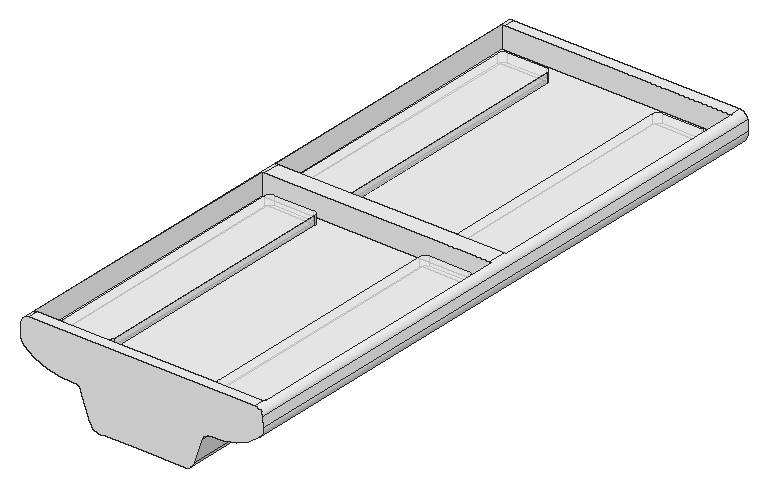
Revit family "ECH1-840-L48-DW", category Lighting Fixtures, host Face, Revit 2021
Family settings
  Host = Face
  Round Connector Dimension = Use Diameter
  Part Type = Normal
  OmniClass Number = 23.80.70.11.14.17
  OmniClass Title = Direct/Indirect
  Cut with Voids When Loaded = No
  Light Source = Yes
  Shared = Yes
  Room Calculation Point = No
Parameters (values of type "ECH1-840-L48-DW")
  Wattage = 328 W
  Warranty = "5 year limited"  # constant formula
  built-in parameter 1150110 = 1 (stored number, unit not read)
  Voltage Comments = "120-277;347;480"
  Voltage = 120 V
  Version = "2021 V 1.2"  # constant formula
  Type Comments = "Light Fixture"
  built-in parameter 1114217 = 1 (stored number, unit not read)
  Tilt Angle = -90.00°
  built-in parameter 1150109 = 1 (stored number, unit not read)
  built-in parameter 1150134 = 12
  built-in parameter 1150113 = 1 (stored number, unit not read)
  Product Page URL = "https://www.currentlighting.com/indoor-lighting/echelan-ech/113902"
  Product Documentation Link = "https://cdn.currentlighting.com/site/specsheet/COL_ECH_SPEC.pdf"
  Power Factor = 1
  Photometry Note = "Please load ies file listed under Photometric Web File for accurate rendering."  # constant formula
  Photometric Web Link = "https://www.currentlighting.com/indoor-lighting/echelan-ech/113902"
  Photometric Web File = "ECH1-840-L48-DW-xxx_120-277V.IES"
  Optical Code = "DW"
  Wattage Comments = "49 - 380 W"
  URL = "www.currentlighting.com"
  Mounting = "Please Refer to the Product Spec Sheet for Mounting Options"  # constant formula
  Model = "ECH1-840-L48-DW"
  Manufacturer Contact-us = "https://www.currentlighting.com/contact-us"
  Manufacturer Address = "701 Millenium Blvd,Greenville, SC"  # constant formula
  Manufacturer = "Current Lighting"  # constant formula
  built-in parameter 1150105 = 3810.8 (stored number, unit not read)
  Lumens = 47888 lm
  built-in parameter 1150115 = 1 (stored number, unit not read)
  Load Classification = Lighting
  built-in parameter 1150137 = (empty or 0)
  built-in parameter 1150139 = (empty or 0)
  Lens Material Finish = White Glass
  built-in parameter 1150112 = 1 (stored number, unit not read)
  built-in parameter 1150114 = 1 (stored number, unit not read)
  Lamp = "LED"  # constant formula
  Installation and Service URL = "https://cdn.currentlighting.com/site/installationmanuals/COL_ECH_INS.pdf"
  built-in parameter 1150132 = (empty or 0)
  built-in parameter 1150102 = (empty or 0)
  built-in parameter 1150107 = 4000 (stored number, unit not read)
  built-in parameter 1150138 = (empty or 0)
  built-in parameter 1150106 = 38.108 (stored number, unit not read)
  Housing Material = Paint - Matte White
  Features = "Industrial design delivers a small, lightweight fixture for ease of installation\r\nElectrical architecture delivers industry leading efficiencies (up to 201 LPW) that translate into lowest life cycle cost\r\nDesigned for unconditioned spaces through a 55 °C ambient temperature rating and a -30°C rating for refrigerated spaces\r\nWide lumen range (up to 60K) to accommodates various ceiling heights, fixture spacings, and Fc specifications\r\nOptical distribution choices deliver the right light to the right spot (horizontal, vertical, max/min) for your designs\r\nIntegrated sensor options for code compliance, increased energy savings, and connection to NX Lighting Controls systems\r\nOptimized bulk packaging minimizes job site space requirements and eases waste removal"
  Emit from Rectangle Width = 26.00"  # constant formula
  Emit from Rectangle Length = 9.50"  # constant formula
  Emit Shape Visible in Rendering = no
  built-in parameter 1150104 = 13.564 (stored number, unit not read)
  Distribution Patterns = "None"
  Dimming Lamp Color Temperature Shift = <None>
  Description = "The ECH is an industry-leading specification high bay providing superior performance and reliability. Available with integral NX Lighting Controls."
  Default Elevation = 48.00"
  Copyright = "© 2022 HLI Solutions, Inc."
  Controller = "Please Refer to the Product Spec Sheet for Control Options"  # constant formula
  Color Rendering Index = "80 CRI"
  Color Filter = 16777215
  Brand = "Columbia Lighting"
  built-in parameter 1114218 = 1 (stored number, unit not read)
  Available Finish Options = "Available in Matte White"  # constant formula
  built-in parameter 1150133 = 10 (stored number, unit not read)
  Assembly Code = "D5020200"
  Apparent Load = 328 VA
  Additional Material Finish = Paint - Matte White
Reference planes (in)
  plane 1 "Center (Front/Back)": y = 13.26342
  plane 2: z = 0
  plane 3 "Center (Left/Right)": x = 0
  plane 4: y = 26.91342
  plane 5: y = -0.38658
  plane 6: x = 5.44
  plane 7: x = -5.44
  plane 8: z = 3.6
Forms (in)
  Extrusion 1, solid, material "Paint - Matte White" <- "Housing Material"
    sketch origin (0, 13.26342, 0.125) x (1, 0, 0) y (0, 0, 1)
      loop
        arc (-5.06082, 3.48382) -> (-5.30339, 3.38949) -> (-5.41851, 3.15607) r 0.35905
        line (-5.41851, 3.15607) -> (-5.45721, 2.71367)
        arc (-5.45721, 2.71367) -> (-5.42172, 2.48036) -> (-5.28317, 2.28932) r 0.5
        arc (-5.28317, 2.28932) -> (-4.23601, 1.70309) -> (-3.04468, 1.55842) r 3.10058
        arc (-3.04468, 1.55842) -> (-2.84716, 1.50707) -> (-2.72206, 1.34584) r 0.31649
        line (-2.72206, 1.34584) -> (-2.33814, 0.23087)
        arc (-2.33814, 0.23087) -> (-2.10135, -0.05086) -> (-1.73678, -0.10118) r 0.51237
        line (-1.73678, -0.10118) -> (0, -0.10118) -> (1.79928, -0.10118)
        arc (1.79928, -0.10118) -> (2.16385, -0.05086) -> (2.40064, 0.23087) r 0.51237
        line (2.40064, 0.23087) -> (2.78456, 1.34584)
        arc (2.78456, 1.34584) -> (2.90966, 1.50707) -> (3.10718, 1.55842) r 0.31649
        arc (3.10718, 1.55842) -> (4.29851, 1.70309) -> (5.34567, 2.28932) r 3.10058
        arc (5.34567, 2.28932) -> (5.48422, 2.48036) -> (5.51971, 2.71367) r 0.5
        line (5.51971, 2.71367) -> (5.48101, 3.15607)
        arc (5.48101, 3.15607) -> (5.36589, 3.38949) -> (5.12332, 3.48382) r 0.35905
        line (5.12332, 3.48382) -> (-5.06082, 3.48382)
    from -13.65 to 13.65
  Extrusion 2, void
    sketch origin (0, 0, 0) x (1, 0, 0) y (0, 1, 0)
      loop
        line (-5.19, 26.41342) -> (-5.19, 13.66342) -> (5.19, 13.66342) -> (5.19, 26.41342) -> (-5.19, 26.41342)
      loop
        line (-5.19, 0.11342) -> (5.19, 0.11342) -> (5.19, 12.86342) -> (-5.19, 12.86342) -> (-5.19, 0.11342)
    from 2.63499 to 3.85781
  Extrusion 3, solid, material "White Glass" <- "Lens Material Finish"
    sketch origin (0, 0, 0) x (1, 0, 0) y (0, 1, 0)
      loop
        arc (-4.36812, 25.71987) -> (-4.5449, 25.64664) -> (-4.61812, 25.46987) r 0.25
        line (-4.61812, 25.46987) -> (-4.61812, 14.17987)
        arc (-4.61812, 14.17987) -> (-4.5449, 14.00309) -> (-4.36812, 13.92987) r 0.25
        line (-4.36812, 13.92987) -> (-2.61812, 13.92987)
        arc (-2.61812, 13.92987) -> (-2.44134, 14.00309) -> (-2.36812, 14.17987) r 0.25
        line (-2.36812, 14.17987) -> (-2.36812, 25.46987)
        arc (-2.36812, 25.46987) -> (-2.44134, 25.64664) -> (-2.61812, 25.71987) r 0.25
        line (-2.61812, 25.71987) -> (-4.36812, 25.71987)
      loop
        line (4.36812, 25.71987) -> (2.61812, 25.71987)
        arc (2.61812, 25.71987) -> (2.44134, 25.64664) -> (2.36812, 25.46987) r 0.25
        line (2.36812, 25.46987) -> (2.36812, 14.17987)
        arc (2.36812, 14.17987) -> (2.44134, 14.00309) -> (2.61812, 13.92987) r 0.25
        line (2.61812, 13.92987) -> (4.36812, 13.92987)
        arc (4.36812, 13.92987) -> (4.5449, 14.00309) -> (4.61812, 14.17987) r 0.25
        line (4.61812, 14.17987) -> (4.61812, 25.46987)
        arc (4.61812, 25.46987) -> (4.5449, 25.64664) -> (4.36812, 25.71987) r 0.25
      loop
        line (-4.36812, 0.80697) -> (-2.61812, 0.80697)
        arc (-2.61812, 0.80697) -> (-2.44134, 0.8802) -> (-2.36812, 1.05697) r 0.25
        line (-2.36812, 1.05697) -> (-2.36812, 12.34697)
        arc (-2.36812, 12.34697) -> (-2.44134, 12.52375) -> (-2.61812, 12.59697) r 0.25
        line (-2.61812, 12.59697) -> (-4.36812, 12.59697)
        arc (-4.36812, 12.59697) -> (-4.5449, 12.52375) -> (-4.61812, 12.34697) r 0.25
        line (-4.61812, 12.34697) -> (-4.61812, 1.05697)
        arc (-4.61812, 1.05697) -> (-4.5449, 0.8802) -> (-4.36812, 0.80697) r 0.25
      loop
        arc (4.36812, 0.80697) -> (4.5449, 0.8802) -> (4.61812, 1.05697) r 0.25
        line (4.61812, 1.05697) -> (4.61812, 12.34697)
        arc (4.61812, 12.34697) -> (4.5449, 12.52375) -> (4.36812, 12.59697) r 0.25
        line (4.36812, 12.59697) -> (2.61812, 12.59697)
        arc (2.61812, 12.59697) -> (2.44134, 12.52375) -> (2.36812, 12.34697) r 0.25
        line (2.36812, 12.34697) -> (2.36812, 1.05697)
        arc (2.36812, 1.05697) -> (2.44134, 0.8802) -> (2.61812, 0.80697) r 0.25
        line (2.61812, 0.80697) -> (4.36812, 0.80697)
    from 2.63499 to 3.06657
  Extrusion 4, solid, material "Paint - Matte White" <- "Additional Material Finish"
    sketch origin (0, 0, 0) x (1, 0, 0) y (0, 1, 0)
      loop
        line (-4.50479, 25.46987) -> (-4.50479, 14.17987) -> (-2.48145, 14.17987) -> (-2.48145, 25.46987) -> (-4.50479, 25.46987)
      loop
        line (4.50479, 25.46987) -> (2.48145, 25.46987) -> (2.48145, 14.17987) -> (4.50479, 14.17987) -> (4.50479, 25.46987)
      loop
        line (-4.50479, 1.05697) -> (-2.48145, 1.05697) -> (-2.48145, 12.34697) -> (-4.50479, 12.34697) -> (-4.50479, 1.05697)
      loop
        line (4.50479, 1.05697) -> (4.50479, 12.34697) -> (2.48145, 12.34697) -> (2.48145, 1.05697) -> (4.50479, 1.05697)
    from 2.63499 to 2.7
Cuts and joins
  Extrusion 2 cuts Extrusion 1
Dimensions and locks (in)
  plane 5 to plane 4 = 27.30"
  plane 7 to plane 6 = 10.88"
  equal spacing: plane 5, plane 1 "Center (Front/Back)", plane 4
  plane 8 to host face = 3.60"
  aligned and locked: plane 2 to host face
  aligned and locked: level to host face
  aligned and locked: plane 3 "Center (Left/Right)" to imposter light
  aligned and locked: Extrusion 1 to plane 4
  aligned and locked: plane 5 to Extrusion 1
  aligned and locked: imposter light to plane 8
Automatic sketch dimensions
  host sketch curve to host sketch curve = 96.00"  (x2)
  Extrusion 1 sketch curve to plane 3 "Center (Left/Right)" = 0.00"
  level to Extrusion 1 sketch curve = 0.02382"
  Extrusion 1 sketch curve to plane 3 "Center (Left/Right)" = 1.73678"
  Extrusion 1 sketch curve to Extrusion 1 sketch curve = 0.11691"  (x2)
  level to Extrusion 1 sketch curve = 0.35587"  (x2)
  Extrusion 1 sketch curve to Extrusion 1 sketch curve = 0.48446"  (x2)
  Extrusion 1 sketch curve to Extrusion 1 sketch curve = 0.38391"  (x2)
  Extrusion 1 sketch curve to Extrusion 1 sketch curve = 0.29925"  (x2)
  plane 7 to Extrusion 1 sketch curve = 2.16637"
  plane 7 to Extrusion 1 sketch curve = 0.48089"
  plane 7 to Extrusion 1 sketch curve = 0.37918"
  plane 7 to Extrusion 1 sketch curve = 0.02149"
  Extrusion 1 sketch curve to plane 7 = 0.01721"
  Extrusion 1 sketch curve to Extrusion 1 sketch curve = 1.79928"
  Extrusion 1 sketch curve to plane 6 = 2.10387"
  Extrusion 1 sketch curve to plane 6 = 0.41839"
  Extrusion 1 sketch curve to plane 6 = 0.31668"
  plane 6 to Extrusion 1 sketch curve = 0.04101"
  plane 6 to Extrusion 1 sketch curve = 0.07971"
  Extrusion 1 sketch curve to Extrusion 1 sketch curve = 1.01193"  (x2)
  Extrusion 1 sketch curve to Extrusion 1 sketch curve = 0.10304"  (x2)
  plane 8 to Extrusion 1 sketch curve = 0.80491"  (x2)
  Extrusion 1 sketch curve to Extrusion 1 sketch curve = 0.04358"  (x2)
  plane 8 to Extrusion 1 sketch curve = 0.35023"
  Extrusion 1 sketch curve to Extrusion 1 sketch curve = 0.45468"
  plane 8 to Extrusion 1 sketch curve = 0.31893"
  Extrusion 1 sketch curve to plane 8 = 1.17553"  (x2)
  Extrusion 1 sketch curve to Extrusion 1 sketch curve = 0.00"  (x2)
  plane 7 to Extrusion 2 sketch curve = 0.25"  (x2)
  Extrusion 2 sketch curve to plane 6 = 0.25"  (x2)
  Extrusion 2 sketch curve to plane 5 = 0.50"
  plane 4 to Extrusion 2 sketch curve = 0.50"
  Extrusion 2 sketch curve to plane 1 "Center (Front/Back)" = 0.40"
  plane 1 "Center (Front/Back)" to Extrusion 2 sketch curve = 0.40"
  plane 7 to Extrusion 3 sketch curve = 0.82188"  (x2)
  Extrusion 3 sketch curve to Extrusion 3 sketch curve = 0.25"  (x12)
  Extrusion 3 sketch curve to Extrusion 3 sketch curve = 1.75"  (x3)
  Extrusion 3 sketch curve to plane 1 "Center (Front/Back)" = 0.66645"  (x2)
  plane 1 "Center (Front/Back)" to Extrusion 3 sketch curve = 0.91645"  (x2)
  Extrusion 3 sketch curve to Extrusion 3 sketch curve = 0.00"  (x2)
  plane 3 "Center (Left/Right)" to Extrusion 3 sketch curve = 2.36812"
  Extrusion 3 sketch curve to plane 6 = 1.07188"  (x4)
  Extrusion 3 sketch curve to plane 5 = 1.44355"  (x2)
  plane 4 to Extrusion 3 sketch curve = 1.44355"  (x2)
  plane 7 to Extrusion 4 sketch curve = 0.93521"  (x2)
  plane 1 "Center (Front/Back)" to Extrusion 4 sketch curve = 0.91645"  (x2)
  Extrusion 4 sketch curve to Extrusion 4 sketch curve = 2.02333"  (x2)
  plane 3 "Center (Left/Right)" to Extrusion 4 sketch curve = 2.48145"  (x2)
  Extrusion 4 sketch curve to plane 6 = 0.93521"  (x2)
  Extrusion 4 sketch curve to plane 5 = 1.44355"  (x2)
  Extrusion 4 sketch curve to plane 1 "Center (Front/Back)" = 0.91645"  (x2)
  plane 4 to Extrusion 4 sketch curve = 1.44355"  (x2)
Connectors (in)
  electrical at (0.89964, 13.26342, 0.02382), driven by "Power Factor", driven by "Apparent Load", driven by "Voltage", driven by "Load Classification"
    settings: on cut or joined group of Extrusion 1, Extrusion 2, index 1, voltage 120 V, apparent load 328 VA, apparent load phase1 0 VA, apparent load phase2 0 VA, apparent load phase3 0 VA, power factor 1, load classification "Lighting", number of poles 1, system type 30, power factor state 1, is connector primary yes, connector utility no, sub classification motor no, connector description "Light Fixture"
